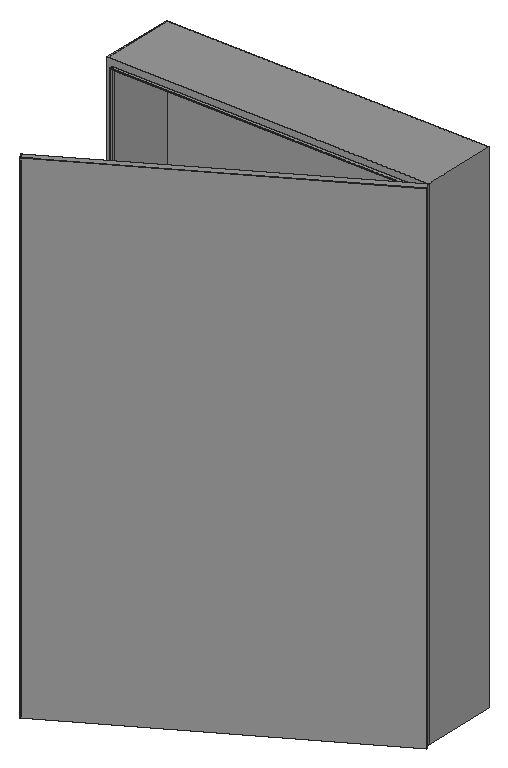
Revit family "Hager-Univers-IP44-D205-H1250-Cl.II-Encl-NoHosted-CH-it", category Electrical Equipment, Revit 2020
Family settings
  Panel Configuration = Two Columns, Circuits Across
  Round Connector Dimension = Use Diameter
  Part Type = Panelboard
  Work Plane-Based = Yes
  Always vertical = Yes
  Cut with Voids When Loaded = No
  Shared = No
  Room Calculation Point = No
Parameters (values of type "A parete IP44 L800 A1250 P205  - FP83QS")
  Width Control [instance] = if([EF000008 - Larghezza] > Min Width, [EF000008 - Larghezza], Min Width)  # 800 mm
  Type Comments = [HG000003 - Gamma]  # "Univers"
  Thickness Door [instance] = if([EF009171 - spessore materiale porta/coperchio] > 3 mm, 3 mm, [EF009171 - spessore materiale porta/coperchio])  # 1 mm
  Seal Frame Offset [instance] = 17 mm  # constant formula
  Plinth Visibility [instance] = [HG000027 - Altezza dello zoccolo] > 0 mm  # no
  Min Width [instance] = 100 mm  # constant formula
  Min Depth [instance] = (2 * [EF009170 - spessore materiale scatola]) + 1 mm  # 3 mm
  Min Height [instance] = 100 mm  # constant formula
  Internal Frame Depth [instance] = (Door System Depth * 0.5)  # 9 mm
  Panel Name [instance] = ""  # (empty or 0)
  Model = ""
  HG000027 - Altezza dello zoccolo = 0 mm
  HG000026 - A pavimento = no
  HG000024 - Altezza della sezione inferiore = 600 mm
  HG000023 - Custodia a doppia sezione = no
  HG000016 - Visibilità delle porte nella vista 3D [instance] = yes
  HG000015 - Visibilità attraverso la porta [instance] = no
  HG000014 - Porta destra [instance] = yes
  HG000013 - Porta sinistra [instance] = not([HG000014 - Porta destra])  # no
  HG000012 - Angolo di apertura della porta [instance] = 30.00°
  HG000010 - Porte asimmetriche = no
  HG000009 - Porta doppia a battente = no
  HG000006 - Ad incasso = no
  HG000004 - Codice produttore = "FP83QS"
  HG000003 - Gamma = "Univers"
  HG000002 - Con porta = yes
  Frame Offset Bottom [instance] = 10 mm  # constant formula
  Frame Offset [instance] = 15 mm  # constant formula
  EF015940 - Coprire con rilascio di sovrapressione = no
  EF011959 - tipo di protezione (NEMA) = ""
  EF009554 - numero delle aperture per la piastra della flangia = 6
  EF009212 - esecuzione coperchio = "EV000116 - chiuso"
  EF009171 - spessore materiale porta/coperchio = 1 mm
  EF009170 - spessore materiale scatola = 1 mm
  EF008873 - corrente nominale (In) = 250 A
  EF007800 - adatto per parafulmine = no
  EF006306 - con serratura = no
  EF006244 - coperchio/porta trasparente = no
  EF005474 - grado di protezione (IP) = "EV006418 - IP44"
  EF004464 - tipo di porta = "EV002646 - singolo"
  EF004427 - numero di moduli = 288
  EF004293 - resistenza agli urti = "EV006815 - IK09"
  EF003532 - adatto per uso esterno = no
  EF002950 - Numero moduli DIN = 36
  EF001613 - Integrità del circuito = "EV000494 - senza"
  EF001596 - Attacco Lampada = "EV000179 - acciaio"
  EF001131 - profondità interna = 143 mm
  EF001088 - possibilità di applicazione = yes
  EF000437 - numero di ingressi per conduttori = 6
  EF000339 - tipo di copertura = "EV001012 - coperchio"
  EF000266 - numero di file = 8
  EF000218 - profondità di incasso = 0 mm
  EF000118 - con piastra di montaggio = no
  EF000116 - numero RAL = "9010"
  EF000049 - profondità = 205 mm
  EF000040 - Altezza = 1250 mm
  EF000008 - Larghezza = 800 mm
  EF000007 - colore = "EV000202 - bianco"
  EF000003 - Tipo di montaggio = "EV000384 - A parete"
  Door System Leaf Tolerance [instance] = 1.5 mm  # constant formula
  Door System Depth [instance] = 18 mm  # constant formula
  Door Height [instance] = Height Control - [HG000027 - Altezza dello zoccolo]  # 1250 mm
  Description = ""
  Default Elevation = 1219.2 mm
  Connector Offset [instance] = Height Control / 2  # 625 mm
  Manufacturer = "Hager"  # constant formula
  Height Control [instance] = if([EF000040 - Altezza] > Min Height, [EF000040 - Altezza], Min Height)  # 1250 mm
  Depth Control [instance] = if([EF000049 - profondità] > Min Depth, [EF000049 - profondità], Min Depth)  # 205 mm
  Bottom Top Plate Trim [instance] = 1.5 mm  # constant formula
  Plinth height Ctrl [instance] = if([HG000027 - Altezza dello zoccolo] > 0 mm, [HG000027 - Altezza dello zoccolo], 12 mm)  # 12 mm
Types (5, lengths in mm): name | Width Control | HG000009 - Porta doppia a battente | HG000004 - Codice produttore | EF009554 - numero delle aperture per la piastra della flangia | EF004464 - tipo di porta | EF004427 - numero di moduli | EF002950 - Numero moduli DIN | EF000437 - numero di ingressi per conduttori | EF000008 - Larghezza
  A parete IP44 L1050 A1250 P205  - FP84QS | 1050 | yes | "FP84QS" | 8 | "EV003602 - doppio" | 384 | 48 | 8 | 1050
  A parete IP44 L1300 A1250 P205  - FP85QS | 1300 | yes | "FP85QS" | 10 | "EV003602 - doppio" | 480 | 60 | 10 | 1300
  A parete IP44 L300 A1250 P205  - FP81QS | 300 | no | "FP81QS" | 2 | "EV002646 - singolo" | 96 | 12 | 2 | 300
  A parete IP44 L550 A1250 P205  - FP82QS | 550 | no | "FP82QS" | 4 | "EV002646 - singolo" | 192 | 24 | 4 | 550
  A parete IP44 L800 A1250 P205  - FP83QS | 800 | no | "FP83QS" | 6 | "EV002646 - singolo" | 288 | 36 | 6 | 800
Reference planes
  plane 1 "Center (Front/Back)": y = 0
  plane 2: z = 0
  plane 3 "Center (Left/Right)": x = 0
  plane 4: y = 0
  plane 5: y = 0
  plane 6: z = 0
  plane 7: x = -400
  plane 8: x = 400
  plane 9: x = 399
  plane 10: x = -399
  plane 11: z = 0
  plane 12: z = 1
  plane 13: y = -205
  plane 14: y = -1
  plane 15: x = 0
  plane 16: y = -187
  plane 17: y = -204
  plane 18: y = -186
  plane 19: x = -384
  plane 20: x = 384
  plane 21: z = 11
  plane 22: x = -383
  plane 23: x = 383
  plane 24: z = 0
  plane 25: z = 1250
  plane 26: z = 1250
  plane 27: z = 1234
  plane 28: z = 1249
Forms (mm)
  Extrusion 1, solid, material "Hager_Steel_RAL7035_Light_Grey", detail levels medium+fine
    sketch origin (-208.679, -4572, 0) x (-1, 0, 0) y (0, -1, 0)
      loop
        line (191.321, -4385) -> (-608.679, -4385) -> (-608.679, -4572) -> (191.321, -4572) -> (191.321, -4385)
    from 0 to 1250
  Extrusion 2, void
    sketch origin (-350.771, -205, 1219.2) x (1, 0, 0) y (0, 0, 1)
      loop
        line (-48.229, 29.8) -> (-48.229, -1218.2) -> (749.771, -1218.2) -> (749.771, 29.8) -> (-48.229, 29.8)
    from -19 to -204
  Extrusion 3, void
    sketch origin (-290.084, -187, 1219.2) x (1, 0, 0) y (0, 0, 1)
      loop
        line (-93.916, -1208.2) -> (674.084, -1208.2) -> (674.084, 14.8) -> (-93.916, 14.8) -> (-93.916, -1208.2)
    from 0 to -1
  Extrusion 4, solid, material "Hager_Steel_RAL7035_Light_Grey", visible <- "Plinth Visibility", detail levels medium+fine
    sketch origin (0, 0, 0) x (1, 0, 0) y (0, 1, 0)
      loop
        line (-400, 0) -> (-400, -187) -> (400, -187) -> (400, 0) -> (-400, 0)
    from 0 to 12 <- "Plinth height Ctrl"
  Extrusion 5, solid, material "Hager_Steel_RAL7035_Light_Grey", detail levels coarse
    sketch origin (0, 0, 0) x (1, 0, 0) y (0, 1, 0)
      loop
        line (-400, 0) -> (-400, -205) -> (400, -205) -> (400, 0) -> (-400, 0)
    from 0 to 1250 <- "Height Control"
  Sweep 6, void
    path in 3D
      loop
        line (-400, -187, 12) -> (400, -187, 12) -> (400, 0, 12) -> (-400, 0, 12) -> (-400, -187, 12)
    profile origin (-400, -93.5, 12) x (1, 0, 0) y (0, 0, 1)
      loop
        line (0, 0) -> (0, -1.5) -> (1.5, -1.5)
        arc (1.5, -1.5) -> (1.061, -0.439) -> (0, 0) r 1.5
  Extrusion 7, solid, material "Hager_Steel_RAL7035_Light_Grey", detail levels fine
    sketch origin (-400, -187, 0) x (1, 0, 0) y (0, 0, 1)
      loop
        line (16, 11) -> (784, 11) -> (784, 1234) -> (16, 1234) -> (16, 11)
      loop
        line (15, 10) -> (785, 10) -> (785, 1235) -> (15, 1235) -> (15, 10)
    from 0 to 9 <- "Internal Frame Depth"
Cuts and joins
  Extrusion 2, Extrusion 3 cuts Extrusion 1
  Sweep 6 cuts Extrusion 4
Lines and regions (mm)
  Masking region 1
    outline origin (0, 0, 0) x (1, 0, 0) y (0, 1, 0)
      loop
        line (-400, 0) -> (-400, -205) -> (400, -205) -> (400, 0) -> (-400, 0)
  Masking region 2, detail levels coarse
    outline origin (-290.084, -187, 1219.2) x (-1, 0, 0) y (0, 0, 1)
      loop
        line (-690.084, -1219.2) -> (109.916, -1219.2) -> (109.916, 30.8) -> (-690.084, 30.8) -> (-690.084, -1219.2)
  Masking region 3, detail levels coarse
    outline origin (0, 0, 0) x (0, 1, 0) y (0, 0, 1)
      loop
        line (0, 0) -> (0, 1250) -> (-205, 1250) -> (-205, 0) -> (0, 0)
  Masking region 4, visible <- "Plinth Visibility", detail levels medium+fine
    outline origin (0, 0, 0) x (0, 1, 0) y (0, 0, 1)
      loop
        line (-1.5, 12) -> (-185.5, 12)
        arc (-185.5, 12) -> (-185.939, 10.939) -> (-187, 10.5) r 1.5
        line (-187, 10.5) -> (-187, 0) -> (0, 0) -> (0, 10.5)
        arc (0, 10.5) -> (-1.061, 10.939) -> (-1.5, 12) r 1.5
  Masking region 5, detail levels medium+fine
    outline origin (0, 0, 594.038) x (0, 1, 0) y (0, 0, 1)
      loop
        line (0, -594.038) -> (0, 655.962) -> (-187, 655.962) -> (-187, -594.038) -> (0, -594.038)
  Masking region 6, detail levels medium+fine
    outline origin (-359.7, -187, 1211.883) x (-1, 0, 0) y (0, 0, 1)
      loop
        line (-759.7, -1211.883) -> (40.3, -1211.883) -> (40.3, 38.117) -> (-759.7, 38.117) -> (-759.7, -1211.883)
  Masking region 7, visible <- "Plinth Visibility", detail levels medium+fine
    outline origin (-320.334, -187, 1041.368) x (-1, 0, 0) y (0, 0, 1)
      loop
        line (-720.334, -1041.368) -> (79.666, -1041.368) -> (79.666, -1030.868)
        arc (79.666, -1030.868) -> (78.606, -1030.429) -> (78.166, -1029.368) r 1.5
        line (78.166, -1029.368) -> (-718.834, -1029.368)
        arc (-718.834, -1029.368) -> (-719.273, -1030.429) -> (-720.334, -1030.868) r 1.5
        line (-720.334, -1030.868) -> (-720.334, -1041.368)
  sketch lines
    curve 1: line (-400, 0, 12) -> (-400, -187, 12)
    curve 2: line (-400, -187, 12) -> (400, -187, 12)
    curve 3: line (400, 0, 12) -> (-400, 0, 12)
    curve 4: line (400, -187, 12) -> (400, 0, 12)
Dimensions and locks
  locked: plane 1 "Center (Front/Back)" to plane 5
  "EF009170 - spessore materiale scatola": plane 7 to plane 10
  "EF009170 - spessore materiale scatola": plane 8 to plane 9
  equal spacing: plane 7, plane 3 "Center (Left/Right)", plane 8
  "Width Control": plane 7 to plane 8
  "Depth Control": plane 4 to plane 13
  "EF009170 - spessore materiale scatola": plane 4 to plane 14
  "Height Control": plane 25 to level
  "HG000027 - Altezza dello zoccolo": plane 11 to level
  "EF009170 - spessore materiale scatola": plane 12 to plane 11
  "EF009170 - spessore materiale scatola": plane 17 to plane 13
  "EF009170 - spessore materiale scatola": plane 18 to plane 16
  "Frame Offset Bottom": plane 21 to plane 12
  "Frame Offset": plane 10 to plane 19
  "Frame Offset": plane 9 to plane 20
  "Door System Depth": plane 16 to plane 13
  "Seal Frame Offset": plane 7 to plane 22
  "Seal Frame Offset": plane 8 to plane 23
  "EF009170 - spessore materiale scatola": plane 26 to plane 28
  "Frame Offset": plane 28 to plane 27
  "Connector Offset": plane 2 to connector elem
  "Bottom Top Plate Trim": profile plane to Sweep 6 sketch curve
  "Bottom Top Plate Trim": Sweep 6 sketch curve to Sweep 6 sketch curve
  "Plinth height Ctrl": Masking region 4 sketch curve to level
  "Plinth height Ctrl": Masking region 7 sketch curve to level
  "Thickness Door": Extrusion 7 sketch curve to Extrusion 7 sketch curve  (x4)
  "Bottom Top Plate Trim": radius of Sweep 6 sketch curve
  "Bottom Top Plate Trim": radius of Masking region 4 sketch curve  (x2)
  "Bottom Top Plate Trim": radius of Masking region 7 sketch curve  (x2)
  aligned and locked: Extrusion 2 sketch curve to plane 12
  aligned and locked: Extrusion 2 sketch curve to plane 9
  aligned and locked: Extrusion 2 sketch curve to plane 10
  aligned and locked: Extrusion 2 to plane 14
  aligned and locked: Extrusion 1 sketch curve to plane 4
  aligned and locked: plane 8 to Extrusion 1 sketch curve
  aligned and locked: plane 7 to Extrusion 1 sketch curve
  aligned and locked: Extrusion 2 to plane 18
  aligned and locked: Extrusion 3 sketch curve to plane 19
  aligned and locked: plane 20 to Extrusion 3 sketch curve
  aligned and locked: Extrusion 3 to Extrusion 2
  aligned and locked: Extrusion 3 sketch curve to plane 21
  aligned and locked: plane 3 "Center (Left/Right)" to nested 1
  aligned and locked: Extrusion 1 sketch curve to plane 16
  aligned and locked: Extrusion 4 sketch curve to cut or joined group of Extrusion 1, Extrusion 2, Extrusion 3
  aligned and locked: Masking region 1 sketch curve to plane 7
  aligned and locked: Masking region 1 sketch curve to plane 5
  aligned and locked: Masking region 1 sketch curve to plane 8
  aligned and locked: Masking region 2 sketch curve to level
  aligned and locked: level to Masking region 3 sketch curve
  aligned and locked: plane 1 "Center (Front/Back)" to Masking region 3 sketch curve
  aligned and locked: plane 13 to Masking region 3 sketch curve
  aligned and locked: plane 5 to Masking region 4 sketch curve
  aligned and locked: Masking region 2 sketch curve to plane 8
  aligned and locked: Masking region 2 sketch curve to plane 7
  aligned and locked: plane 7 to nested 2
  aligned and locked: nested 2 to plane 5
  aligned and locked: plane 5 to Masking region 5 sketch curve
  aligned and locked: plane 26 to Masking region 5 sketch curve
  aligned and locked: Extrusion 5 sketch curve to plane 8
  aligned and locked: Extrusion 5 sketch curve to plane 7
  aligned and locked: Extrusion 5 sketch curve to plane 5
  aligned and locked: Extrusion 3 sketch curve to plane 27
  aligned and locked: Extrusion 2 sketch curve to plane 28
  aligned and locked: Masking region 2 to plane 25
  aligned and locked: Extrusion 4 to plane 16
  aligned and locked: profile plane to Sweep 6 sketch curve
  aligned and locked: Masking region 5 sketch curve to plane 24
  aligned and locked: level to Masking region 4 sketch curve
  aligned and locked: Masking region 1 to plane 13
  aligned and locked: nested 1 to plane 16
  aligned and locked: Masking region 3 to plane 25
  aligned and locked: plane 16 to Masking region 4 sketch curve
  aligned and locked: Masking region 5 sketch curve to plane 16
  aligned and locked: plane 24 to plane 11
  aligned and locked: plane 26 to plane 25
  aligned and locked: plane 26 to cut or joined group of Extrusion 1, Extrusion 2, Extrusion 3
  aligned and locked: nested 1 to plane 24
  aligned and locked: Extrusion 1 to Extrusion 3
  aligned and locked: Masking region 6 sketch curve to plane 8
  aligned and locked: Masking region 6 sketch curve to plane 24
  aligned and locked: Masking region 6 sketch curve to plane 7
  aligned and locked: Masking region 6 sketch curve to plane 26
  aligned and locked: Masking region 7 sketch curve to plane 7
  aligned and locked: level to Masking region 7 sketch curve
  aligned and locked: Masking region 7 sketch curve to plane 8
  aligned and locked: Extrusion 7 sketch curve to cut or joined group of Extrusion 1, Extrusion 2, Extrusion 3  (x4)
Automatic sketch dimensions
  plane 19 to Extrusion 3 sketch curve = 0 mm
  Extrusion 3 sketch curve to plane 20 = 0 mm
  Extrusion 3 sketch curve to plane 21 = 0 mm
  Extrusion 4 sketch curve to plane 7 = 0 mm
  Extrusion 4 sketch curve to plane 8 = 0 mm
  Extrusion 4 sketch curve to plane 16 = 0 mm
  Masking region 1 sketch curve to plane 13 = 0 mm
  Masking region 2 sketch curve to plane 25 = 0 mm
  Masking region 3 sketch curve to plane 25 = 0 mm
  Extrusion 5 sketch curve to plane 13 = 0 mm
  profile plane to Sweep 6 sketch curve = 0 mm
Nested families
  nested 1: "EC000058_Univers_Door" at (0, -187, 0), Double <- "HG000009 - Porta doppia a battente", Transparent <- "EF006244 - coperchio/porta trasparente", Angle <- "HG000012 - Angolo di apertura della porta", Door_Right <- "HG000014 - Porta destra", Assymetrical <- "HG000010 - Porte asimmetriche", Door <- "HG000002 - Con porta", Width_Ctrl <- "Width Control", 3d_Door <- "HG000016 - Visibilità delle porte nella vista 3D", Clearance <- "HG000015 - Visibilità attraverso la porta", Door_Left <- "HG000013 - Porta sinistra", Width <- "Width Control", Door_Depth <- "Door System Depth", Leaf_Tolerance <- "Door System Leaf Tolerance", Height <- "Door Height", Lock_Visibility <- "EF006306 - con serratura", Thickness <- "Thickness Door", type "EC000058_Univers_Door", detail levels medium+fine
    with min_wh 3 mm, Width_Ctrl 800 mm, Width 800 mm, Transparent no, Thickness 1 mm, Seal_Material Hager_Rubber, Lock_Visibility no, Lock_Material Hager_Plastic_RAL9005_Jet_Black, Leaf_Width 800 mm, Leaf_Tolerance_External_Sides 0 mm, Leaf_Tolerance 1.5 mm, Leaf_Offset 0 mm, Leaf_Height 1247 mm, Leaf_2_Width 800 mm, Leaf_2_Offset 400 mm, Leaf_1_Width 800 mm, Leaf_1_Offset 400 mm, Height_Ctrl 1250 mm, Height 1250 mm, Glass_Material Hager_Glass, Double_Clearance_Ctrl no, Double no, Door_Right_Ctrl yes, Door_Right yes, Door_Material Hager_Steel_RAL7035_Light_Grey, Door_Left_Ctrl no, Door_Left no, Door_Depth 18 mm, Door yes, Clearance_Material Hager_Clearance, Clearance_Depth 800 mm, Clearance_Ctrl no, Clearance no, Assymetrical no, Angle 30.00°, 3d_Door yes
  nested 2: "Hager_Enclosure_Symbol" at (-400, 0, 0), Height <- "Depth Control", Width <- "Width Control", type "Hager_Enclosure_Symbol"
    with Width_Ctrl 800 mm, Width 800 mm, Height_Ctrl 205 mm, Height 205 mm, A_Width_Int 13.453 mm, A_Width 161.438 mm, A_Height_Ctrl 179.375 mm, A_Height 179.375 mm
Connectors
  electrical at (0, 0, 625)
    settings: on plane 1 "Center (Front/Back)", index 1, voltage 0 V, apparent load 0 VA, apparent load phase1 0 VA, apparent load phase2 0 VA, apparent load phase3 0 VA, power factor 1, load classification "Other", number of poles 1, system type 30, power factor state 1, is connector primary yes, connector utility no, sub classification motor no, connector description ""
Definition of nested family "EC000058_Univers_Door"
  Parameters (values of type "EC000058_Univers_Door")
    min_wh [instance] = (2 * Thickness) + 1 mm  # 11 mm
    Width_Ctrl [instance] = 400 mm
    Width [instance] = 500 mm
    Transparent [instance] = yes
    Thickness [instance] = 5 mm
    Seal_Material [instance] = none
    Lock_Visibility [instance] = yes
    Lock_Material [instance] = none
    Leaf_Width [instance] = if((Width_Ctrl - 2 * Leaf_Tolerance_External_Sides) > 0 mm, (Width_Ctrl - 2 * Leaf_Tolerance_External_Sides), min_wh)  # 400 mm
    Leaf_Tolerance_External_Sides [instance] = 0 mm  # constant formula
    Leaf_Tolerance [instance] = 1.5 mm
    Leaf_Offset [instance] = 0 mm  # constant formula
    Leaf_Height [instance] = if((Height_Ctrl - 2 * Leaf_Tolerance) > 0 mm, (Height_Ctrl - 2 * Leaf_Tolerance), min_wh)  # 497 mm
    Leaf_2_Width [instance] = if(and(and(Double, Assymetrical), Door_Left), (Leaf_Width / 3) - (Leaf_Tolerance / 2), if(and(and(Double, Assymetrical), Door_Right), (Leaf_Width / 3) * 2 - (Leaf_Tolerance / 2), if(and(Double, not(Assymetrical)), (Leaf_Width / 2) - Leaf_Tolerance, Leaf_Width)))  # 400 mm
    Leaf_2_Offset [instance] = if(and(Double, Assymetrical), Leaf_2_Width / 2, if(and(Double, not(Assymetrical)), Leaf_Width / 4, Leaf_Width / 2))  # 200 mm
    Leaf_1_Width [instance] = if(and(and(Double, Assymetrical), Door_Right), (Leaf_Width / 3) - (Leaf_Tolerance / 2), if(and(and(Double, Assymetrical), Door_Left), (Width / 3) * 2 - (Leaf_Tolerance / 2), if(and(Double, not(Assymetrical)), (Leaf_Width / 2) - Leaf_Tolerance, Leaf_Width)))  # 400 mm
    Leaf_1_Offset [instance] = if(and(Double, Assymetrical), Leaf_1_Width / 2, if(and(Double, not(Assymetrical)), Leaf_Width / 4, Leaf_Width / 2))  # 200 mm
    Height_Ctrl [instance] = if(Height > min_wh, Height, min_wh)  # 500 mm
    Height [instance] = 500 mm
    Glass_Material [instance] = none
    Double_Clearance_Ctrl [instance] = and(Double, Clearance)  # no
    Double [instance] = no
    Door_Right_Ctrl [instance] = and(or(Door_Right, Double), Door)  # yes
    Door_Right [instance] = yes
    Door_Material [instance] = none
    Door_Left_Ctrl [instance] = and(or(Door_Left, Double), Door)  # no
    Door_Left [instance] = no
    Door_Depth [instance] = 30 mm
    Door [instance] = yes
    Default Elevation = 1219.2 mm
    Clearance_Material [instance] = none
    Clearance_Depth [instance] = if(Leaf_1_Width > Leaf_2_Width, Leaf_1_Width, Leaf_2_Width)  # 400 mm
    Clearance_Ctrl [instance] = and(not(Double), Clearance)  # yes
    Clearance [instance] = yes
    Assymetrical [instance] = yes
    Angle [instance] = 30.00°
    3d_Door [instance] = yes
  Reference planes
    plane 1 "Center (Front/Back)": y = 0
    plane 2 "Bottom": z = 0
    plane 3 "Center (Left/Right)": x = 0
    plane 4: z = 500
    plane 5: x = -200
    plane 6: x = 200
    plane 7: z = 500
    plane 8: x = -200
    plane 9: z = 0
    plane 10: x = 200
    plane 11: y = 0
    plane 12: z = 1.5
    plane 13: x = -600
    plane 14: y = -400
    plane 15: x = 600
    plane 16: x = 0
    plane 17: x = 0
    plane 18: x = -200
    plane 19: x = 200
    plane 20: z = 498.5
  Forms (mm)
    Extrusion 1, solid, material <- "Clearance_Material", visible <- "Double_Clearance_Ctrl"
      sketch origin (1200, 0, 0) x (1, 0, 0) y (0, 0, -1)
        loop
          line (-1800, -498.5) -> (-600, -498.5) -> (-600, 0) -> (-1800, 0) -> (-1800, -498.5)
      from 0 to -400
  Dimensions and locks
    equal spacing: plane 5, plane 3 "Center (Left/Right)", plane 6
    "Width_Ctrl": plane 5 to plane 6
    "Leaf_Offset": plane 5 to plane 8
    "Leaf_Offset": plane 6 to plane 10
    "Leaf_Offset": plane 9 to level
    "Leaf_Offset": plane 4 to plane 7
    "Height_Ctrl": plane 4 to level
    "Leaf_Tolerance": plane 12 to plane 9
    locked: plane 11 to plane 1 "Center (Front/Back)"
    "Leaf_1_Offset": plane 18 to plane 16
    "Leaf_2_Offset": plane 17 to plane 19
    "Leaf_1_Width": plane 13 to plane 8
    "Leaf_2_Width": plane 10 to plane 15
    "Clearance_Depth": plane 14 to plane 1 "Center (Front/Back)"
    "Leaf_Tolerance_External_Sides": plane 8 to plane 18
    "Leaf_Tolerance_External_Sides": plane 19 to plane 10
    "Leaf_Tolerance": plane 7 to plane 20
    aligned and locked: level to plane 2 "Bottom"
    aligned and locked: nested 1 to plane 16
    aligned and locked: nested 2 to plane 17
    aligned and locked: Extrusion 1 to plane 13
    aligned and locked: plane 15 to Extrusion 1
    aligned and locked: Extrusion 1 to plane 14
    aligned and locked: plane 12 to nested 1
    aligned and locked: nested 2 to plane 12
    aligned and locked: Extrusion 1 to plane 11
    aligned and locked: plane 20 to Extrusion 1
    aligned and locked: nested 2 to plane 11
    aligned and locked: nested 1 to plane 11
  Automatic sketch dimensions
    Extrusion 1 sketch curve to level = 0 mm
    plane 5 to Extrusion 1 sketch curve = 400 mm
    plane 6 to Extrusion 1 sketch curve = 400 mm
    Extrusion 1 sketch curve to plane 4 = 1.5 mm
  Nested families
    nested 1: "EC000058_Univers_Door_Leaf" at (0, 0, 1.5), Width <- "Leaf_1_Width", visible <- "Door_Left_Ctrl", Leaf_Height <- "Leaf_Height", Angle <- "Angle", 3d_Door <- "3d_Door", Transparent <- "Transparent", Clearance Material <- "Clearance_Material", Clearance <- "Clearance_Ctrl", Door_Material <- "Door_Material", Glass_Material <- "Glass_Material", Door_Depth <- "Door_Depth", Lock_Material <- "Lock_Material", Seal_Material <- "Seal_Material", Lock_Visibility <- "Lock_Visibility", Thickness <- "Thickness", type "EC000058_Univers_Door_Leaf"
      with Width 400 mm, Transparent_Glass_Offset 30 mm, Transparent_Ctrl yes, Transparent yes, Thickness 5 mm, Standard no, Seal_Material none, Seal_D2 8 mm, Seal_D1 1 mm, Offset_Internal_Frame 10 mm, Lock_Width 20 mm, Lock_Visibility_3d yes, Lock_Visibility yes, Lock_Thickness_3 3 mm, Lock_Thickness_2 1 mm, Lock_Thickness_1 3 mm, Lock_Radius_Offset_2 16 mm, Lock_Radius_Offset_1 15 mm, Lock_Radius_2 5 mm, Lock_Radius 6 mm, Lock_Offset 5 mm, Lock_Material none, Lock_Height 80 mm, Lock_Cover_Top_Offset_2d 17 mm, Lock_Cover_Height -65 mm, Leaf_Height 497 mm, Internal_Seal_Thickness 8 mm, Internal_Seal_Depth_2 4.5 mm, Internal_Frame_Depth 25 mm, Glass_Thickness -1 mm, Glass_Offset -2 mm, Glass_Material none, Door_Material none, Door_Depth 30 mm, Clearance Material none, Clearance yes, Angle_Ctrl 30.00°, Angle 30.00°, 3d_Door yes
    nested 2: "EC000058_Univers_Door_Leaf" at (0, 0, 1.5) x (-1, 0, 0) z (0, 0, 1), Width <- "Leaf_2_Width", visible <- "Door_Right_Ctrl", Leaf_Height <- "Leaf_Height", Angle <- "Angle", 3d_Door <- "3d_Door", Transparent <- "Transparent", Clearance Material <- "Clearance_Material", Clearance <- "Clearance_Ctrl", Door_Material <- "Door_Material", Glass_Material <- "Glass_Material", Door_Depth <- "Door_Depth", Lock_Material <- "Lock_Material", Seal_Material <- "Seal_Material", Lock_Visibility <- "Lock_Visibility", Thickness <- "Thickness", type "EC000058_Univers_Door_Leaf"
      with Width 400 mm, Transparent_Glass_Offset 30 mm, Transparent_Ctrl yes, Transparent yes, Thickness 5 mm, Standard no, Seal_Material none, Seal_D2 8 mm, Seal_D1 1 mm, Offset_Internal_Frame 10 mm, Lock_Width 20 mm, Lock_Visibility_3d yes, Lock_Visibility yes, Lock_Thickness_3 3 mm, Lock_Thickness_2 1 mm, Lock_Thickness_1 3 mm, Lock_Radius_Offset_2 16 mm, Lock_Radius_Offset_1 15 mm, Lock_Radius_2 5 mm, Lock_Radius 6 mm, Lock_Offset 5 mm, Lock_Material none, Lock_Height 80 mm, Lock_Cover_Top_Offset_2d 17 mm, Lock_Cover_Height -65 mm, Leaf_Height 497 mm, Internal_Seal_Thickness 8 mm, Internal_Seal_Depth_2 4.5 mm, Internal_Frame_Depth 25 mm, Glass_Thickness -1 mm, Glass_Offset -2 mm, Glass_Material none, Door_Material none, Door_Depth 30 mm, Clearance Material none, Clearance yes, Angle_Ctrl 30.00°, Angle 30.00°, 3d_Door yes
  Definition of nested family "EC000058_Univers_Door_Leaf"
    Parameters (values of type "EC000058_Univers_Door_Leaf")
      Width [instance] = 2000 mm
      Transparent_Glass_Offset [instance] = 30 mm
      Transparent_Ctrl [instance] = and(Transparent, [3d_Door])  # yes
      Transparent [instance] = yes
      Thickness [instance] = 5 mm
      Standard [instance] = and(not(Transparent), [3d_Door])  # no
      Seal_Material [instance] = none
      Seal_D2 [instance] = 8 mm  # constant formula
      Seal_D1 [instance] = 1 mm  # constant formula
      Offset_Internal_Frame [instance] = 10 mm  # constant formula
      Lock_Width [instance] = 20 mm  # constant formula
      Lock_Visibility_3d [instance] = and(Lock_Visibility, [3d_Door])  # yes
      Lock_Visibility [instance] = yes
      Lock_Thickness_3 [instance] = 3 mm  # constant formula
      Lock_Thickness_2 [instance] = 1 mm  # constant formula
      Lock_Thickness_1 [instance] = 3 mm  # constant formula
      Lock_Radius_Offset_2 [instance] = Lock_Radius_Offset_1 + 1 mm  # 16 mm
      Lock_Radius_Offset_1 [instance] = 15 mm  # constant formula
      Lock_Radius_2 [instance] = Lock_Radius - 1 mm  # 5 mm
      Lock_Radius [instance] = 6 mm  # constant formula
      Lock_Offset [instance] = 5 mm  # constant formula
      Lock_Material [instance] = none
      Lock_Height [instance] = 80 mm  # constant formula
      Lock_Cover_Top_Offset_2d [instance] = Lock_Radius_Offset_2 + 1 mm  # 17 mm
      Lock_Cover_Height [instance] = -(Lock_Height - Lock_Radius_Offset_1)  # -65 mm
      Leaf_Height [instance] = 2720.336 mm
      Internal_Seal_Thickness [instance] = 8 mm  # constant formula
      Internal_Seal_Depth_2 [instance] = 4.5 mm  # constant formula
      Internal_Frame_Depth [instance] = if(Door_Depth - Thickness > 5 mm, Door_Depth - Thickness, 5 mm)  # 25 mm
      Glass_Thickness [instance] = if(Thickness > 15 mm, Glass_Offset + 10 mm, -1 mm)  # -1 mm
      Glass_Offset [instance] = if(Thickness > 15 mm, -(Thickness + 10 mm) / 2, -2 mm)  # -2 mm
      Glass_Material [instance] = none
      Door_Material [instance] = none
      Door_Depth [instance] = 30 mm
      Default Elevation = 0 mm
      Clearance Material [instance] = none
      Clearance [instance] = yes
      Angle_Ctrl [instance] = if(Angle > 180.00°, 180.00°, Angle)  # 90.00°
      Angle [instance] = 90.00°
      3d_Door [instance] = yes
    Reference planes
      plane 1 "Center (Front/Back)": y = 0
      plane 2: z = 0
      plane 3 "Center (Left/Right)": x = 0
      plane 4: y = 2000
      plane 5: x = -1000
      plane 6: x = 1000
      plane 7: x = -3000
      plane 8: z = 2720.336
      plane 9: z = 30
      plane 10: z = 2690.336
      plane 11: x = 970
      plane 12: x = -970
      plane 13: y = -3
      plane 14: z = 107.833
      plane 15: y = -5
      plane 16: y = -223.314
      plane 17: x = -1000
      plane 18: z = 1360.168
      plane 19: y = 30
    Forms (mm)
      Extrusion 1, solid, material <- "Clearance Material", visible <- "Clearance"
        sketch origin (0, 0, 0) x (1, 0, 0) y (0, 0, 1)
          loop
            line (-3000, 2720.336) -> (-3000, 0) -> (1000, 0) -> (1000, 2720.336) -> (-3000, 2720.336)
        from 0 to -2000
      Extrusion 2, solid, material <- "Door_Material", visible <- "Standard", detail levels medium+fine
        sketch origin (-1000, 0, 0) x (0, 1, 0) y (-1, 0, 0)
          loop
            line (0, 30) -> (0, 25) -> (2000, 25) -> (2000, 30) -> (0, 30)
        from 0 to 2720.336 <- "Leaf_Height"
      Extrusion 3, solid, material <- "Door_Material", visible <- "Transparent_Ctrl", detail levels medium+fine
        sketch origin (-1000, 0, 0) x (0, 1, 0) y (-1, 0, 0)
          loop
            line (0, 25) -> (2000, 25) -> (2000, 30) -> (0, 30) -> (0, 25)
        from 0 to 2720.336 <- "Leaf_Height"
      Extrusion 4, void
        sketch origin (-1025, 2000, 0) x (0, 1, 0) y (0, 0, -1)
          loop
            line (-30, -2690.336) -> (-30, -30) -> (-1970, -30) -> (-1970, -2690.336) -> (-30, -2690.336)
        from 0 to 5 <- "Thickness"
      Sweep 5, solid, material <- "Seal_Material", visible <- "Transparent_Ctrl", detail levels fine
        path in 3D
          loop
            line (-1025, 30, 30) -> (-1025, 30, 2690.336) -> (-1025, 1970, 2690.336) -> (-1025, 1970, 30) -> (-1025, 30, 30)
        profile origin (-1025, 1000, 30) x (1, 0, 0) y (0, 0, 1)
          loop
            line (0, 0) -> (0, -8) -> (1, -8) -> (1, 0) -> (0, 0)
      Extrusion 6, solid, material <- "Glass_Material", visible <- "Transparent_Ctrl", detail levels medium+fine
        sketch origin (-1030, 0, 0) x (0, 1, 0) y (0, 0, -1)
          loop
            line (1970, -2690.336) -> (1970, -30) -> (30, -30) -> (30, -2690.336) -> (1970, -2690.336)
        from -2 <- "Glass_Offset" to -1 <- "Glass_Thickness"
      Extrusion 7, solid, material <- "Door_Material", visible <- "3d_Door", detail levels medium+fine
        sketch origin (-1025, 2000, 0) x (0, -1, 0) y (0, 0, -1)
          loop
            line (0, -2720.336) -> (2000, -2720.336) -> (2000, 0) -> (0, 0) -> (0, -2720.336)
          loop
            line (1995, -5) -> (5, -5) -> (5, -2715.336) -> (1995, -2715.336) -> (1995, -5)
        from 0 to 25 <- "Internal_Frame_Depth"
      Sweep 8, solid, material <- "Seal_Material", visible <- "Transparent_Ctrl", detail levels fine
        path in 3D
          loop
            line (-1025, 0, 0) -> (-1025, 2000, 0) -> (-1025, 2000, 2720.336) -> (-1025, 0, 2720.336) -> (-1025, 0, 0)
        profile origin (-1025, 0, 1360.168) x (1, 0, 0) y (0, 1, 0)
          loop
            line (0, 10) -> (2.975, 10)
            arc (2.975, 10) -> (4.053, 10.447) -> (4.5, 11.525) r 1.525
            line (4.5, 11.525) -> (4.5, 16.527)
            arc (4.5, 16.527) -> (4.069, 17.569) -> (3.027, 18) r 1.473
            line (3.027, 18) -> (0, 18) -> (0, 10)
      Extrusion 9, solid, material <- "Lock_Material", visible <- "Lock_Visibility_3d", detail levels fine
        sketch origin (-1030, 0, 0) x (0, 1, 0) y (0, 0, -1)
          loop
            arc (1993.5, -1400.168) -> (1994.561, -1399.729) -> (1995, -1398.668) r 1.5
            line (1995, -1398.668) -> (1995, -1320.168) -> (1975, -1320.168) -> (1975, -1398.668)
            arc (1975, -1398.668) -> (1975.439, -1399.729) -> (1976.5, -1400.168) r 1.5
            line (1976.5, -1400.168) -> (1993.5, -1400.168)
        from 3 <- "Lock_Thickness_1" to 0
      Blend 10, solid, material <- "Lock_Material", visible <- "Lock_Visibility_3d", detail levels fine
        base sketch origin (-1033, 0, 0) x (0, 1, 0) y (0, 0, -1)
          loop
            line (1975, -1320.168) -> (1975, -1398.668)
            arc (1975, -1398.668) -> (1975.439, -1399.729) -> (1976.5, -1400.168) r 1.5
            line (1976.5, -1400.168) -> (1993.5, -1400.168)
            arc (1993.5, -1400.168) -> (1994.561, -1399.729) -> (1995, -1398.668) r 1.5
            line (1995, -1398.668) -> (1995, -1320.168) -> (1975, -1320.168)
        top sketch origin (-1033, 0, 0) x (0, 1, 0) y (0, 0, -1)
          loop
            line (1976, -1320.168) -> (1976, -1398.668)
            arc (1976, -1398.668) -> (1976.146, -1399.022) -> (1976.5, -1399.168) r 0.5
            line (1976.5, -1399.168) -> (1993.5, -1399.168)
            arc (1993.5, -1399.168) -> (1993.854, -1399.022) -> (1994, -1398.668) r 0.5
            line (1994, -1398.668) -> (1994, -1320.168) -> (1976, -1320.168)
        from 0 to 1 <- "Lock_Thickness_2"
      Blend 11, solid, material <- "Lock_Material", visible <- "Lock_Visibility_3d", detail levels fine
        base sketch origin (-1034, 0, 0) x (0, 1, 0) y (0, 0, -1)
          loop
            line (1978, -1320.168) -> (1978, -1384.168)
            arc (1978, -1384.168) -> (1985, -1391.168) -> (1992, -1384.168) r 7
            line (1992, -1384.168) -> (1992, -1320.168) -> (1978, -1320.168)
        top sketch origin (-1034, 0, 0) x (0, 1, 0) y (0, 0, -1)
          loop
            line (1991, -1320.168) -> (1979, -1320.168) -> (1979, -1383.168)
            arc (1979, -1383.168) -> (1985, -1389.168) -> (1991, -1383.168) r 6
            line (1991, -1383.168) -> (1991, -1320.168)
        from 0 to 3 <- "Lock_Thickness_3"
      Extrusion 12, solid, material <- "Lock_Material", visible <- "Lock_Visibility_3d", detail levels fine
        sketch origin (-1030, 1975, 1320.168) x (1, 0, 0) y (0, -1, 0)
          loop
            line (-7, -19) -> (-7, -1) -> (0, -1) -> (0, 0) -> (-8, 0) -> (-8, -20) -> (0, -20) -> (0, -19) -> (-7, -19)
        from 0 to -65 <- "Lock_Cover_Height"
      Extrusion 13, void
        sketch origin (-1038, 1995, 1320.168) x (-1, 0, 0) y (0, 0, -1)
          loop
            line (-5, -65) -> (0, -65) -> (-5, -60) -> (-5, -65)
        from 0 to 20 <- "Lock_Width"
      Extrusion 14, void
        sketch origin (-1038, 1975, 1320.168) x (0, -1, 0) y (0, 0, -1)
          loop
            circle (-10, -15.995) r 6
          loop
            circle (-10, -15.995) r 5
        from 0 to 2
      Extrusion 15, solid, material <- "Lock_Material", visible <- "Lock_Visibility_3d", detail levels medium
        sketch origin (-1030, 0, 0) x (0, 1, 0) y (0, 0, -1)
          loop
            arc (1993.5, -1400.168) -> (1994.561, -1399.729) -> (1995, -1398.668) r 1.5
            line (1995, -1398.668) -> (1995, -1320.168) -> (1975, -1320.168) -> (1975, -1398.668)
            arc (1975, -1398.668) -> (1975.439, -1399.729) -> (1976.5, -1400.168) r 1.5
            line (1976.5, -1400.168) -> (1993.5, -1400.168)
        from 8 to 0
    Cuts and joins
      Extrusion 4 cuts Extrusion 3
      Extrusion 13, Extrusion 14 cuts Extrusion 9
      Extrusion 14 cuts Blend 11
      Extrusion 13, Extrusion 14 cuts Extrusion 12
      joined: Extrusion 9, Blend 10, Blend 11, Extrusion 12
      Extrusion 14 cuts Extrusion 15
    Lines and regions (mm)
      Masking region 1, visible <- "Lock_Visibility", detail levels fine
        outline origin (0, 0, 0) x (0, 1, 0) y (0, 0, 1)
          loop
            line (30, 1320.168) -> (33, 1320.168) -> (33, 1400.168) -> (30, 1400.168) -> (30, 1320.168)
      Masking region 2, visible <- "Lock_Visibility", detail levels fine
        outline origin (0, 3.143, 0) x (0, 1, 0) y (0, 0, 1)
          loop
            line (29.857, 1354.168) -> (30.857, 1354.168) -> (30.857, 1366.168) -> (29.857, 1366.168) -> (29.857, 1354.168)
      Masking region 3, detail levels medium+fine
        outline origin (0, 0, 0) x (0, 1, 0) y (0, 0, 1)
          loop
            line (0, 0) -> (30, 0) -> (30, 2720.336) -> (0, 2720.336) -> (0, 0)
      Masking region 4, detail levels medium+fine
        outline origin (0, 0, 0) x (1, 0, 0) y (0, 0, 1)
          loop
            line (-1000, 2720.336) -> (-1000, 0) -> (1000, 0) -> (1000, 2720.336) -> (-1000, 2720.336)
      Masking region 5, visible <- "Lock_Visibility", detail levels fine
        outline origin (-47.116, 0, 0) x (1, 0, 0) y (0, 0, 1)
          loop
            arc (1024.616, 1399.168) -> (1023.556, 1398.729) -> (1023.116, 1397.668) r 1.5
            line (1023.116, 1397.668) -> (1023.116, 1320.168) -> (1041.116, 1320.168) -> (1041.116, 1397.668)
            arc (1041.116, 1397.668) -> (1040.677, 1398.729) -> (1039.616, 1399.168) r 1.5
            line (1039.616, 1399.168) -> (1024.616, 1399.168)
      Masking region 6, visible <- "Lock_Visibility", detail levels medium+fine
        outline origin (-25, 0, 0) x (1, 0, 0) y (0, 0, 1)
          loop
            arc (1001.5, 1400.168) -> (1000.439, 1399.729) -> (1000, 1398.668) r 1.5
            line (1000, 1398.668) -> (1000, 1320.168) -> (1020, 1320.168) -> (1020, 1398.668)
            arc (1020, 1398.668) -> (1019.561, 1399.729) -> (1018.5, 1400.168) r 1.5
            line (1018.5, 1400.168) -> (1001.5, 1400.168)
      Masking region 7, visible <- "Lock_Visibility", detail levels fine
        outline origin (-73.735, 0, 0) x (1, 0, 0) y (0, 0, 1)
          loop
            line (1051.735, 1382.168) -> (1065.735, 1382.168) -> (1065.735, 1384.168)
            arc (1065.735, 1384.168) -> (1058.735, 1391.168) -> (1051.735, 1384.168) r 7
            line (1051.735, 1384.168) -> (1051.735, 1382.168)
      Masking region 8, visible <- "Lock_Visibility", detail levels fine
        outline origin (-73.735, 0, 0) x (1, 0, 0) y (0, 0, 1)
          loop
            line (1052.735, 1382.168) -> (1064.735, 1382.168) -> (1064.735, 1383.168)
            arc (1064.735, 1383.168) -> (1058.735, 1389.168) -> (1052.735, 1383.168) r 6
            line (1052.735, 1383.168) -> (1052.735, 1382.168)
      Masking region 9, visible <- "Lock_Visibility", detail levels fine
        outline origin (-25, 0, 0) x (1, 0, 0) y (0, 0, 1)
          loop
            line (1020, 1320.168) -> (1020, 1382.168) -> (1000, 1382.168) -> (1000, 1320.168) -> (1020, 1320.168)
      Masking region 10, detail levels medium+fine
        outline origin (0, 0, 0) x (1, 0, 0) y (0, 0, 1)
          loop
            circle (985, 1335.144) r 6
      Masking region 11, detail levels fine
        outline origin (0, 0, 0) x (1, 0, 0) y (0, 0, 1)
          loop
            circle (985, 1335.144) r 5
      Masking region 12, visible <- "Lock_Visibility", detail levels fine
        outline origin (0, 12.767, 0) x (0, 1, 0) y (0, 0, 1)
          loop
            line (20.233, 1320.168) -> (21.233, 1320.168) -> (21.233, 1399.168) -> (20.233, 1400.168) -> (20.233, 1320.168)
      Masking region 13, visible <- "Lock_Visibility", detail levels fine
        outline origin (0, 13.767, -10) x (0, 1, 0) y (0, 0, 1)
          loop
            line (20.233, 1330.168) -> (23.233, 1330.168) -> (23.233, 1399.168) -> (20.233, 1402.168) -> (20.233, 1330.168)
      Masking region 14, visible <- "Lock_Visibility", detail levels fine
        outline origin (0, 12.767, -10) x (0, 1, 0) y (0, 0, 1)
          loop
            line (20.233, 1330.168) -> (25.233, 1330.168) -> (25.233, 1399.305) -> (20.233, 1394.305) -> (20.233, 1330.168)
      Masking region 15, visible <- "Lock_Visibility", detail levels medium
        outline origin (0, 0, 0) x (0, 1, 0) y (0, 0, 1)
          loop
            line (30, 1320.168) -> (38, 1320.168) -> (38, 1400.168) -> (30, 1400.168) -> (30, 1320.168)
      Masking region 16, visible <- "Lock_Visibility", detail levels fine
        outline origin (-1000, 0, 0) x (0, 1, 0) y (-1, 0, 0)
          loop
            line (1975, 30) -> (1995, 30) -> (1995, 38) -> (1975, 38) -> (1975, 30)
          loop
            line (1979, 37) -> (1976, 37) -> (1976, 34) -> (1978, 34) -> (1979, 37)
          loop
            line (1994, 37) -> (1991, 37) -> (1992, 34) -> (1994, 34) -> (1994, 37)
      Masking region 17, visible <- "Lock_Visibility", detail levels medium
        outline origin (-1000, 0, 0) x (0, 1, 0) y (-1, 0, 0)
          loop
            line (1975, 30) -> (1995, 30) -> (1995, 38) -> (1975, 38) -> (1975, 30)
      symbolic lines
        curve 1: line (1000, 0, 0) -> (-3000, 0, 0)
        curve 2: arc (1000, 0, 0) -> (-1000, 2000, 0) -> (-3000, 0, 0) r 2000
        curve 4: line (-1030, 0, 0) -> (-1030, 2000, 0)
      reference lines
        curve 3: line (-1000, 0, 0) -> (-1000, 2000, 0)
      symbolic lines, detail levels medium+fine
        curve 5: line (-1030, 2000, 0) -> (-1025, 2000, 0)
        curve 7: line (-1025, 0, 0) -> (-1030, 0, 0)
        curve 8: line (-1025, 0, 0) -> (-1000, 0, 0)
        curve 9: line (-1000, 0, 0) -> (-1000, 2000, 0)
        curve 10: line (-1000, 2000, 0) -> (-1025, 2000, 0)
      symbolic lines, detail levels fine
        curve 6: line (-1025, 2000, 0) -> (-1025, 0, 0)
      sketch lines
        curve 11: line (-1025, 0, 2720.336) -> (-1025, 0, 0)
        curve 12: line (-1025, 2000, 0) -> (-1025, 0, 0)
        curve 13: line (-1025, 2000, 2720.336) -> (-1025, 2000, 0)
        curve 14: line (-1025, 0, 2720.336) -> (-1025, 2000, 2720.336)
        curve 15: line (-1025, 1970, 30) -> (-1025, 30, 30)
        curve 16: line (-1025, 30, 30) -> (-1025, 30, 2690.336)
        curve 17: line (-1025, 1970, 2690.336) -> (-1025, 1970, 30)
        curve 18: line (-1025, 30, 2690.336) -> (-1025, 1970, 2690.336)
      symbolic lines, visible <- "Transparent", detail levels medium+fine
        curve 19: line (-970, 0, 2690.336) -> (970, 0, 2690.336)
        curve 20: line (-970, 0, 30) -> (-970, 0, 2690.336)
        curve 21: line (970, 0, 30) -> (-970, 0, 30)
        curve 22: line (970, 0, 2690.336) -> (970, 0, 30)
    Dimensions and locks
      "Width": plane 1 "Center (Front/Back)" to plane 4
      equal spacing: plane 5, plane 3 "Center (Left/Right)", plane 6
      "Width": plane 5 to plane 6
      "Width": plane 7 to plane 5
      "Leaf_Height": plane 8 to level
      "Width": curve 5 to curve 3
      "Width": curve 3 to curve 3
      plane 8 to plane 10 = 30 mm
      plane 9 to level = 30 mm
      plane 12 to plane 5 = 30 mm
      plane 6 to plane 11 = 30 mm
      Extrusion 1 to Extrusion 4 sketch curve = 30 mm
      "Transparent_Glass_Offset": curve 3 to Extrusion 4 sketch curve
      "Transparent_Glass_Offset": Extrusion 4 sketch curve to cut or joined group of Extrusion 3, Extrusion 4  (x2)
      cut or joined group of Extrusion 3, Extrusion 4 to Extrusion 6 sketch curve = 30 mm
      "Transparent_Glass_Offset": cut or joined group of Extrusion 3, Extrusion 4 to Extrusion 4 sketch curve
      "Thickness": curve 6 to curve 4
      "Thickness": Extrusion 7 sketch curve to Extrusion 7 sketch curve  (x4)
      "Door_Depth": curve 4 to curve 3
      "Offset_Internal_Frame": profile plane to Sweep 8 sketch curve
      "Internal_Seal_Thickness": Sweep 8 sketch curve to Sweep 8 sketch curve
      "Internal_Seal_Depth_2": profile plane to Sweep 8 sketch curve
      "Seal_D1": profile plane to Sweep 5 sketch curve
      "Seal_D2": profile plane to Sweep 5 sketch curve
      "Thickness": Extrusion 2 sketch curve to Extrusion 2 sketch curve
      equal spacing: Extrusion 9 sketch curve, plane 18, Extrusion 9 sketch curve  (x2)
      equal spacing: Masking region 1 sketch curve, plane 18, Masking region 1 sketch curve
      "Lock_Height": Masking region 1 sketch curve to Masking region 1 sketch curve
      "Lock_Radius": Masking region 2 sketch curve to plane 18 to Masking region 2 sketch curve
      Masking region 2 sketch curve to Masking region 1 = 1 mm
      "Door_Depth": plane 19 to plane 1 "Center (Front/Back)"
      "Lock_Thickness_1": Masking region 1 sketch curve to plane 19
      "Lock_Width": Extrusion 9 sketch curve to Extrusion 9 sketch curve
      "Lock_Height": Extrusion 9 sketch curve to Extrusion 9 sketch curve
      "Lock_Offset": cut or joined group of Extrusion 3, Extrusion 4 to Extrusion 9 sketch curve
      equal spacing: plane 8, plane 18, level
      "Lock_Radius_Offset_1": Blend 11 sketch curve to Blend 10
      locked: Blend 10 to Blend 11 sketch curve at 2  (x2)
      locked: var sketch to Blend 11 sketch curve at 1  (x2)
      "Lock_Radius_Offset_2": Blend 11 sketch curve to Blend 10
      locked: Extrusion 12 sketch curve to Extrusion 12 sketch curve at 1  (x3)
      Masking region 6 sketch curve to Masking region 6 sketch curve = 80 mm
      "Lock_Height": Masking region 6 sketch curve to Masking region 6 sketch curve
      "Lock_Width": Masking region 6 sketch curve to Masking region 6 sketch curve
      locked: Masking region 6 to Masking region 5 sketch curve at 1  (x3)
      locked: Masking region 5 to Masking region 7 sketch curve at 2  (x2)
      "Lock_Radius_Offset_1": Masking region 5 to Masking region 7 sketch curve
      "Lock_Radius_Offset_2": Masking region 5 to Masking region 8 sketch curve
      locked: Masking region 7 to Masking region 8 sketch curve at 1  (x2)
      "Lock_Cover_Top_Offset_2d": Masking region 5 to Masking region 9 sketch curve
      equal spacing: Masking region 9, Masking region 10 sketch curve, Masking region 9
      equal spacing: Masking region 9, Masking region 11 sketch curve, Masking region 9
      Extrusion 15 sketch curve to Extrusion 15 sketch curve = 80 mm
      "Lock_Width": Extrusion 15 sketch curve to Extrusion 15 sketch curve
      "Lock_Height": Extrusion 15 sketch curve to Extrusion 15 sketch curve
      equal spacing: Extrusion 15 sketch curve, plane 18, Extrusion 15 sketch curve
      "Lock_Thickness_3": Masking region 13 sketch curve to Masking region 13 sketch curve
      "Lock_Height": Masking region 12 sketch curve to Masking region 12 sketch curve
      locked: Masking region 13 sketch curve to Masking region 1 at 8
      locked: Masking region 14 sketch curve to Masking region 13 at 1
      locked: Masking region 14 sketch curve to Masking region 1 at 10.863
      "Lock_Height": Masking region 15 sketch curve to Masking region 15 sketch curve
      "Lock_Offset": Extrusion 15 sketch curve to cut or joined group of Extrusion 3, Extrusion 4
      "Lock_Offset": plane 6 to Masking region 6 sketch curve
      radius of Sweep 8 sketch curve = 1.525 mm
      radius of Sweep 8 sketch curve = 1.473 mm
      radius of Extrusion 9 sketch curve = 1.5 mm  (x2)
      "Lock_Radius": radius of Extrusion 14 sketch curve
      "Lock_Radius_2": radius of Extrusion 14 sketch curve
      "Lock_Radius": radius of Masking region 10 sketch curve
      "Lock_Radius_2": radius of Masking region 11 sketch curve
      radius of Extrusion 15 sketch curve = 1.5 mm  (x2)
      "Angle_Ctrl": angle plane 1 "Center (Front/Back)" to curve 3
      locked: Masking region 12 sketch curve to Masking region 12 sketch curve (angle 45.00°)
      locked: Masking region 13 sketch curve to Masking region 13 sketch curve (angle 45.00°)
      locked: Masking region 14 sketch curve to Masking region 14 sketch curve (angle 45.00°)
      aligned and locked: level to plane 2
      aligned and locked: Extrusion 1 to curve 1
      aligned and locked: plane 6 to Extrusion 1
      aligned and locked: Extrusion 1 to plane 1 "Center (Front/Back)"
      aligned and locked: plane 4 to Extrusion 1
      aligned and locked: plane 8 to Extrusion 1
      aligned and locked: curve 7 to Extrusion 2 sketch curve
      aligned and locked: curve 5 to Extrusion 2 sketch curve
      aligned and locked: curve 7 to Extrusion 3 sketch curve
      aligned and locked: Extrusion 3 sketch curve to curve 4
      aligned and locked: Extrusion 3 sketch curve to curve 6
      aligned and locked: Extrusion 3 sketch curve to curve 5
      aligned and locked: curve 9 to curve 3
      aligned and locked: Extrusion 7 sketch curve to cut or joined group of Extrusion 3, Extrusion 4  (x4)
      aligned and locked: plane 17 to curve 3
      aligned and locked: plane 1 "Center (Front/Back)" to curve 3
      aligned and locked: plane 17 to plane 5
      aligned and locked: Sweep 8 sketch curve to profile plane
      aligned and locked: Sweep 5 sketch curve to profile plane  (x2)
      aligned and locked: Masking region 1 to Masking region 2 sketch curve
      aligned and locked: plane 19 to Masking region 1 sketch curve
      aligned and locked: plane 1 "Center (Front/Back)" to Masking region 3 sketch curve
      aligned and locked: plane 19 to Masking region 3 sketch curve
      aligned and locked: level to Masking region 3 sketch curve
      aligned and locked: Masking region 3 sketch curve to plane 8
      aligned and locked: plane 17 to Masking region 4 sketch curve
      aligned and locked: level to Masking region 4 sketch curve
      aligned and locked: Masking region 4 sketch curve to plane 8
      aligned and locked: plane 12 to curve 20
      aligned and locked: plane 10 to curve 19
      aligned and locked: plane 11 to curve 22
      aligned and locked: curve 21 to plane 9
      aligned and locked: Extrusion 2 sketch curve to cut or joined group of Extrusion 3, Extrusion 4
      aligned and locked: Blend 10 sketch curve to Extrusion 9  (x4)
      aligned and locked: Extrusion 9 to Blend 10 sketch curve
      aligned and locked: Blend 10 to Blend 11 sketch curve
      aligned and locked: Extrusion 12 sketch curve to Blend 11
      aligned and locked: Extrusion 12 sketch curve to Extrusion 9  (x4)
      aligned and locked: Masking region 5 sketch curve to Masking region 6
      aligned and locked: Masking region 9 sketch curve to Masking region 6  (x3)
      aligned and locked: Masking region 12 sketch curve to Masking region 1
      aligned and locked: Masking region 13 sketch curve to Masking region 1
      aligned and locked: Masking region 12 to Masking region 14
      aligned and locked: Masking region 14 sketch curve to Masking region 1
      aligned and locked: Masking region 15 sketch curve to Masking region 14
      aligned and locked: Masking region 13 sketch curve to Masking region 12
      aligned and locked: Masking region 16 sketch curve to cut or joined group of Extrusion 14, Extrusion 15  (x4)
      aligned and locked: Masking region 16 sketch curve to cut or joined group of Extrusion 9, Blend 10, Blend 11, Extrusion 12, Extrusion 13, Extrusion 14  (x6)
      aligned and locked: cut or joined group of Extrusion 9, Blend 10, Blend 11, Extrusion 12, Extrusion 13, Extrusion 14 to Masking region 16 sketch curve
      aligned and locked: Masking region 17 sketch curve to cut or joined group of Extrusion 14, Extrusion 15  (x3)
      aligned and locked: Masking region 17 sketch curve to cut or joined group of Extrusion 9, Blend 10, Blend 11, Extrusion 12, Extrusion 13, Extrusion 14
      aligned and locked: Masking region 9 to Masking region 8 sketch curve
      aligned and locked: Masking region 9 to Masking region 7 sketch curve
    Automatic sketch dimensions
      plane 1 "Center (Front/Back)" to curve 2 = 0 mm
      curve 2 to plane 5 = 0 mm
      Extrusion 1 sketch curve to level = 0 mm
      Extrusion 1 sketch curve to plane 7 = 0 mm
      Extrusion 1 sketch curve to plane 6 = 0 mm
      Extrusion 1 sketch curve to plane 8 = 0 mm
      Extrusion 3 to Extrusion 6 sketch curve = 30 mm  (x4)
      Masking region 4 sketch curve to plane 6 = 0 mm
      Blend 10 sketch curve to Extrusion 9 = 1.5 mm
      Blend 10 sketch curve to Extrusion 9 = 1 mm
      Extrusion 13 sketch curve to Extrusion 12 = 0 mm  (x2)
      Extrusion 12 to Extrusion 13 sketch curve = 3 mm
      Extrusion 13 sketch curve to Extrusion 12 = 5 mm
      Extrusion 14 sketch curve to Extrusion 14 sketch curve = 0 mm  (x2)
      Extrusion 14 sketch curve to Extrusion 12 = 10 mm
      Extrusion 14 sketch curve to Extrusion 12 = 15.995 mm
      Masking region 5 sketch curve to Masking region 5 sketch curve = 1.5 mm  (x2)
      Masking region 10 sketch curve to plane 18 = 25.024 mm
      Masking region 11 sketch curve to plane 18 = 25.024 mm
      plane 19 to Masking region 14 sketch curve = 3 mm
      Masking region 16 sketch curve to Masking region 16 sketch curve = 3 mm
      curve 4 to curve 3 = 0 mm
      Blend 10 to Blend 11 sketch curve = 0 mm
      Masking region 6 sketch curve to Masking region 6 sketch curve = 1.5 mm  (x2)
      Masking region 6 sketch curve to plane 18 = 40 mm
      plane 19 to Masking region 12 sketch curve = 3 mm
      Masking region 12 sketch curve to Masking region 12 sketch curve = 1 mm
      Masking region 15 sketch curve to plane 19 = 0 mm
      Masking region 15 sketch curve to plane 18 = 40 mm
      radius of Blend 10 sketch curve to Extrusion 9 = 1 mm
Definition of nested family "Hager_Enclosure_Symbol"
  Parameters (values of type "Hager_Enclosure_Symbol")
    Width_Ctrl [instance] = if(Width > 1 mm, Width, 1 mm)  # 102.27 mm
    Width [instance] = 102.27 mm
    Height_Ctrl [instance] = if(Height > 1 mm, Height, 1 mm)  # 66.5 mm
    A_Width_Int [instance] = if(A_Width / 12 > 2 mm, A_Width / 12, 2 mm)  # 4.364 mm
    A_Width [instance] = if(A_Height_Ctrl * 0.9 > 2 mm, A_Height_Ctrl * 0.9, 2 mm)  # 52.369 mm
    A_Height_Ctrl [instance] = if(A_Height > 2 mm, A_Height, 2 mm)  # 58.188 mm
    Height [instance] = 66.5 mm
    A_Height [instance] = Height - (Height / 8)  # 58.188 mm
  Reference planes
    plane 1 "Centre (avant/arrière)": y = 0
    plane 2: z = 0
    plane 3 "Centre (gauche/droite)": x = 0
    plane 4: x = 52.369
    plane 5: y = 33.042
    plane 6: y = 41.77
    plane 7: y = 66.5
    plane 8: x = 26.184
    plane 9: y = 37.406
    plane 10: x = 102.27
    plane 11: y = 66.5
    plane 12: y = 8.313
  Lines and regions (mm)
    Filled region 1, type "Solid_Black", in view "Niveau de réf."
      outline origin (0, 0, 0) x (1, 0, 0) y (0, 1, 0)
        loop
          line (52.369, 66.5) -> (33.188, 54.536) -> (45.365, 45.006) -> (52.369, 66.5)
    Filled region 2, type "Solid_Black", in view "Niveau de réf."
      outline origin (0, 0, 0) x (1, 0, 0) y (0, 1, 0)
        loop
          line (0, 0) -> (102.27, 0) -> (102.27, 66.5) -> (0, 0)
    detail lines, in view "Niveau de réf."
      curve 1: line (0, 8.313, 0) -> (26.184, 41.77, 0)
      curve 2: line (26.184, 41.77, 0) -> (26.184, 33.042, 0)
      curve 3: line (26.184, 33.042, 0) -> (52.369, 66.5, 0)
  Dimensions and locks
    "A_Width": plane 3 "Centre (gauche/droite)" to plane 4
    equal spacing: plane 3 "Centre (gauche/droite)", plane 8, plane 4
    equal spacing: plane 6, plane 9, plane 5
    equal spacing: curve 3, Filled region 1 sketch curve, Filled region 1 sketch curve
    "Height_Ctrl": plane 1 "Centre (avant/arrière)" to plane 11
    "A_Height_Ctrl": plane 11 to plane 12
    equal spacing: plane 11, plane 9, plane 12
    "A_Width_Int": plane 6 to plane 9
    "Width_Ctrl": plane 3 "Centre (gauche/droite)" to plane 10
    angle Filled region 1 sketch curve to curve 3 = 20.00°
    angle curve 3 to Filled region 1 sketch curve = 20.00°
    locked: curve 3 to Filled region 1 sketch curve (angle 90.00°)
    aligned and locked: plane 10 to Filled region 2
    aligned and locked: plane 11 to Filled region 2 sketch curve
    aligned and locked: plane 10 to Filled region 2 sketch curve
    aligned and locked: plane 3 "Centre (gauche/droite)" to curve 1
    aligned and locked: plane 12 to curve 1
    aligned and locked: plane 7 to plane 11
  Automatic sketch dimensions
    Filled region 1 sketch curve to plane 4 = 0 mm
    Filled region 1 sketch curve to plane 7 = 0 mm
    plane 1 "Centre (avant/arrière)" to Filled region 2 sketch curve = 0 mm
    Filled region 2 sketch curve to plane 3 "Centre (gauche/droite)" = 0 mm
    curve 2 to plane 6 = 0 mm
    curve 2 to plane 8 = 0 mm
    curve 3 to plane 4 = 0 mm
    curve 2 to plane 5 = 0 mm
    curve 3 to plane 7 = 0 mm
